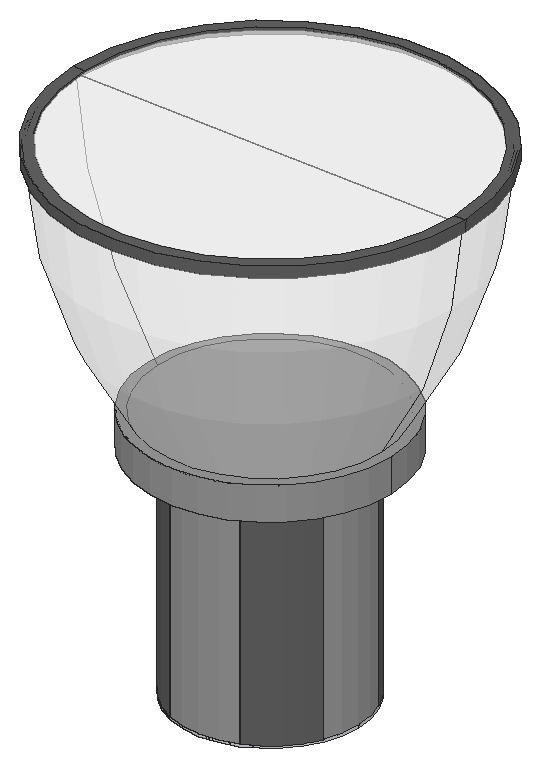
Revit family "SAV", category Lighting Fixtures, host Face, Revit 2021
Family settings
  Host = Face
  Round Connector Dimension = Use Diameter
  Part Type = Normal
  OmniClass Number = 23.80.70.11.11
  OmniClass Title = General Luminaries, Non Directional
  Cut with Voids When Loaded = No
  Light Source = No
  Shared = No
  Room Calculation Point = No
Parameters (values of type "SAV-BL")
  Wattage Comments = "Total input wattage of 73W/95W/153W/177W/219W"  # constant formula
  Wattage = 73 W
  Voltage = 120 V
  URL = "https://www.currentlighting.com/columbia"
  Product Page URL = ""
  Product Documentation Link = ""
  Power Factor = 1
  Photometrics = Web SAV : SAV-LX-27-8-SB16-P95-U-GG
  Model = "Savvano-Decorative LED High Bay"  # constant formula
  Manufacturer = "Columbia Lighting"  # constant formula
  Load Classification = Lighting
  Lens Option [instance] = Lens : P95
  Glass Lens = White Glass
  Lamp = "LED Highbay"  # constant formula
  Is 22 = not(Is 16)  # yes
  Is 16 = no
  Finish = Black
  Description = "The Savvano™ is a decorative highbay available in a wide range of decorator friendly colors."  # constant formula
  Default Elevation = 48.000"
  Apparent Load = Wattage / Power Factor  # 73 VA
Types (8): name | Photometrics | Lens Option | Is 22 | Is 16 | Finish
  SAV-RD | Web SAV : SAV-ML-40-8-WW22-CLR-U-GG | Lens : P95 | yes | no | Red
  SAV-WW | Web SAV : SAV-ML-40-8-WW22-CLR-U-GG | Lens : Drop Lens | no | yes | White
  SAV-GG | Web SAV : SAV-ML-40-8-WW22-CLR-U-GG | Lens : Drop Lens | no | yes | Gray
  SAV-BL | Web SAV : SAV-LX-27-8-SB16-P95-U-GG | Lens : P95 | yes | no | Black
  SAV-BS | Web SAV : SAV-ML-40-8-WW22-CLR-U-GG | Lens : Drop Lens | no | yes | Blue
  SAV-CH | Web SAV : SAV-ML-40-8-WW22-CLR-U-GG | Lens : Drop Lens | no | yes | Champagne
  SAV-SB | Web SAV : SAV-ML-40-8-WW22-CLR-U-GG | Lens : Drop Lens | yes | no | Serenity Blue
  SAV-WN | Web SAV : SAV-ML-40-8-WW22-CLR-U-GG | Lens : P95 | yes | no | Wine
Reference planes (in)
  plane 1 "Center (Front/Back)": y = 0
  plane 2: z = 0
  plane 3 "Center (Left/Right)": x = 0
Dimensions and locks (in)
  aligned and locked: plane 2 to host face
  aligned and locked: level to host face
  aligned and locked: plane 3 "Center (Left/Right)" to nested 1
  aligned and locked: plane 1 "Center (Front/Back)" to nested 1
  aligned and locked: plane 3 "Center (Left/Right)" to nested 3
  aligned and locked: plane 1 "Center (Front/Back)" to nested 3
Nested families (in)
  nested 1: "SAV Fixture" at (0, 0, 0), zz Material 1 <- "Finish", type "SAV"
    with zz Material 1 Black
  nested 2: "Web SAV" at (0.1097, -0.03999, 28.275), type <- "Photometrics", type "SAV-LX-27-8-SB16-P95-U-GG"
  nested 3: "Lens" at (0, 0, 28.275), type <- "Lens Option", Is 16 <- "Is 16", Lens Material <- "Glass Lens", type "P95"
    with zz Height 2 1.700", zz Height 1 2.600", Lens Material White Glass, Is 22 yes, Is 16 no, Diameter 22.000", P95 yes, CDL no
Connectors (in)
  electrical at (0, 0, 0), driven by "Load Classification", driven by "Voltage", driven by "Apparent Load", driven by "Power Factor"
    settings: on nested 1, index 1, voltage 120 V, apparent load 73 VA, apparent load phase1 0 VA, apparent load phase2 0 VA, apparent load phase3 0 VA, power factor 1, load classification "Lighting", number of poles 1, system type 30, power factor state 1, is connector primary yes, connector utility no, sub classification motor no, connector description "Ligthing Connector"
Definition of nested family "SAV Fixture"
  Parameters
    zz Material 3 = none
    zz Length 4 = if(Is 16, 10.750", 13.750")  # 13.750"
    zz Length 3 = if(Is 16, 9.750", 12.750")  # 12.750"
    zz Length 2 = if(Is 16, 21.800", 28.400")  # 28.400"
    URL = ""
    Product Page URL = ""
    Product Documentation Link = ""
    Manufacturer Phone = ""
    Manufacturer Fax = ""
    Manufacturer = ""
    zz Material 2 = none
    Is 22 = not(Is 16)  # yes
    Is 16 = no
    zz Material 1 [instance] = none
    zz Length 1 = if(Is 16, 16.500", 22.600")  # 22.600"
    Default Elevation = 48.000"
  Reference planes (in)
    plane 1 "Center (Front/Back)": y = 0
    plane 2: z = 0
    plane 3 "Center (Left/Right)": x = 0
    plane 4: z = 28.4
    plane 5: x = -11.3
    plane 6: x = 11.3
    plane 7: z = 14.65
    plane 8: z = 12.75
    plane 9: z = 0.125
    plane 10: x = 11.175
    plane 11: z = 28.275
    plane 12: x = 10.675
    plane 13: z = 27.775
  Forms (in)
    Revolve 1, solid, material <- "zz Material 1"
      sketch origin (0, 0, 0) x (1, 0, 0) y (0, 0, 1)
        loop
          line (10.675, 28.4) -> (10.675, 28.275) -> (11.175, 28.275) -> (11.175, 27.775) -> (11.3, 27.775) -> (11.3, 28.4) -> (10.675, 28.4)
        axis (0, 28.4) -> (0, 27.775)
      angle from 0 to 360
    Revolve 2, solid, material <- "zz Material 2"
      sketch origin (0, 0, 0) x (1, 0, 0) y (0, 0, 1)
        loop
          arc (11.04796, 28.275) -> (11.04113, 28.16225) -> (11.03379, 28.04953) r 25.09021
          line (11.03379, 28.04953) -> (0, 28.04953) -> (0, 14.65) -> (6.4438, 14.65)
          arc (6.4438, 14.65) -> (9.80357, 21.11728) -> (11.175, 28.275) r 25.2346
          line (11.175, 28.275) -> (11.04796, 28.275)
        axis (0, 28.275) -> (0, 14.65)
      angle from 0 to 360
    Extrusion 3, solid, material <- "zz Material 3"
      sketch origin (0, 0, 0) x (1, 0, 0) y (0, 1, 0)
        loop
          circle (0, 0) r 7
      from 12.75 to 14.65
    Extrusion 4, solid, material <- "zz Material 3"
      sketch origin (0, 0, 0) x (1, 0, 0) y (0, 1, 0)
        loop
          line (-2, 4.69148) -> (-2, 4.41843)
          arc (-2, 4.41843) -> (0, 4.85) -> (2, 4.41843) r 4.85
          line (2, 4.41843) -> (2, 4.69148)
          arc (2, 4.69148) -> (0, 5.1) -> (-2, 4.69148) r 5.1
        loop
          line (-4.69148, -2) -> (-4.41843, -2)
          arc (-4.41843, -2) -> (-4.85, 0) -> (-4.41843, 2) r 4.85
          line (-4.41843, 2) -> (-4.69148, 2)
          arc (-4.69148, 2) -> (-5.1, 0) -> (-4.69148, -2) r 5.1
        loop
          line (-2, -4.41843) -> (-2, -4.69148)
          arc (-2, -4.69148) -> (0, -5.1) -> (2, -4.69148) r 5.1
          line (2, -4.69148) -> (2, -4.41843)
          arc (2, -4.41843) -> (0, -4.85) -> (-2, -4.41843) r 4.85
        loop
          arc (4.41843, 2) -> (4.85, 0) -> (4.41843, -2) r 4.85
          line (4.41843, -2) -> (4.69148, -2)
          arc (4.69148, -2) -> (5.1, 0) -> (4.69148, 2) r 5.1
          line (4.69148, 2) -> (4.41843, 2)
      from 0.125 to 12.75
    Extrusion 5, solid
      sketch origin (0, 0, 0) x (1, 0, 0) y (0, 1, 0)
        loop
          circle (0, 0) r 5.1
      from 0 to 0.125
    Extrusion 6, solid, material <- "zz Material 1"
      sketch origin (0, 0, 0) x (1, 0, 0) y (0, 1, 0)
        loop
          arc (-2, 4.69148) -> (-3.60624, 3.60624) -> (-4.69148, 2) r 5.1
          line (-4.69148, 2) -> (-4.41843, 2)
          arc (-4.41843, 2) -> (-3.42947, 3.42947) -> (-2, 4.41843) r 4.85
          line (-2, 4.41843) -> (-2, 4.69148)
        loop
          arc (2, 4.41843) -> (3.42947, 3.42947) -> (4.41843, 2) r 4.85
          line (4.41843, 2) -> (4.69148, 2)
          arc (4.69148, 2) -> (3.60624, 3.60624) -> (2, 4.69148) r 5.1
          line (2, 4.69148) -> (2, 4.41843)
        loop
          arc (4.41843, -2) -> (3.42947, -3.42947) -> (2, -4.41843) r 4.85
          line (2, -4.41843) -> (2, -4.69148)
          arc (2, -4.69148) -> (3.60624, -3.60624) -> (4.69148, -2) r 5.1
          line (4.69148, -2) -> (4.41843, -2)
        loop
          arc (-4.69148, -2) -> (-3.60624, -3.60624) -> (-2, -4.69148) r 5.1
          line (-2, -4.69148) -> (-2, -4.41843)
          arc (-2, -4.41843) -> (-3.42947, -3.42947) -> (-4.41843, -2) r 4.85
          line (-4.41843, -2) -> (-4.69148, -2)
      from 0.125 to 12.75
  Dimensions and locks (in)
    plane 4 to level = 28.400"
    plane 7 to level = 14.650"
    locked: plane 6 to plane 10 at 0.125
    locked: plane 4 to plane 11 at 0.125
    locked: plane 6 to plane 12 at 0.625
    locked: plane 4 to plane 13 at 0.625
    "zz Length 3": plane 8 to plane 2
    "zz Length 2": plane 4 to plane 2
    locked: plane 9 to plane 2 at 0.125
    equal spacing: plane 5, plane 3 "Center (Left/Right)", plane 6
    "zz Length 1": plane 5 to plane 6
    "zz Length 4": plane 4 to plane 7
    aligned and locked: plane 2 to level
    aligned and locked: plane 7 to Extrusion 3
    aligned and locked: Extrusion 3 to plane 8
    aligned and locked: plane 8 to Extrusion 4
    aligned and locked: Extrusion 4 to plane 9
    aligned and locked: Extrusion 5 to Extrusion 4
    aligned and locked: plane 8 to Extrusion 6
    aligned and locked: Extrusion 6 to plane 9
    aligned and locked: Revolve 1 sketch curve to plane 4
    aligned and locked: Revolve 1 sketch curve to plane 11
    aligned and locked: plane 13 to Revolve 1 sketch curve
    aligned and locked: Revolve 1 sketch curve to plane 6
    aligned and locked: Revolve 2 sketch curve to Revolve 1
  Automatic sketch dimensions
    Revolve 1 sketch curve to plane 12 = 0.000"
    Revolve 1 sketch curve to plane 10 = 0.000"
    Revolve 1 sketch curve to plane 3 "Center (Left/Right)" = 0.000"
    Revolve 1 sketch curve to level = 24.000"
    plane 4 to Revolve 1 sketch curve = 79.36882"
    plane 1 "Center (Front/Back)" to Extrusion 3 sketch curve = 0.000"
    Extrusion 3 sketch curve to plane 3 "Center (Left/Right)" = 0.000"
    Extrusion 4 sketch curve to Extrusion 4 sketch curve = 0.000"  (x56)
    Extrusion 4 sketch curve to plane 1 "Center (Front/Back)" = 2.000"
    Extrusion 4 sketch curve to plane 3 "Center (Left/Right)" = 4.69148"
    Extrusion 4 sketch curve to plane 3 "Center (Left/Right)" = 2.000"  (x2)
    plane 1 "Center (Front/Back)" to Extrusion 4 sketch curve = 4.69148"
    plane 1 "Center (Front/Back)" to Extrusion 4 sketch curve = 0.000"
    Extrusion 4 sketch curve to plane 3 "Center (Left/Right)" = 0.000"
    plane 1 "Center (Front/Back)" to Extrusion 4 sketch curve = 2.000"  (x2)
    Extrusion 4 sketch curve to Extrusion 4 sketch curve = 0.27305"  (x4)
    plane 3 "Center (Left/Right)" to Extrusion 4 sketch curve = 2.000"  (x2)
    Extrusion 4 sketch curve to Extrusion 4 sketch curve = 2.41843"  (x3)
    plane 1 "Center (Front/Back)" to Extrusion 5 sketch curve = 0.000"
    Extrusion 5 sketch curve to plane 3 "Center (Left/Right)" = 0.000"
    Extrusion 6 sketch curve to Extrusion 6 sketch curve = 0.000"  (x58)
    Extrusion 6 sketch curve to plane 1 "Center (Front/Back)" = 2.000"  (x2)
    Extrusion 6 sketch curve to plane 3 "Center (Left/Right)" = 4.69148"
    plane 3 "Center (Left/Right)" to Extrusion 6 sketch curve = 2.000"  (x2)
    plane 1 "Center (Front/Back)" to Extrusion 6 sketch curve = 4.69148"
    plane 1 "Center (Front/Back)" to Extrusion 6 sketch curve = 0.000"
    Extrusion 6 sketch curve to plane 3 "Center (Left/Right)" = 0.000"
    Extrusion 6 sketch curve to Extrusion 6 sketch curve = 0.27305"  (x4)
    Extrusion 6 sketch curve to plane 3 "Center (Left/Right)" = 2.000"  (x2)
    Extrusion 6 sketch curve to Extrusion 6 sketch curve = 2.41843"  (x2)
    Revolve 2 sketch curve to Revolve 2 sketch curve = 0.03507"
    Revolve 2 sketch curve to Revolve 2 sketch curve = 0.3414"
    Revolve 2 sketch curve to plane 3 "Center (Left/Right)" = 0.000"  (x2)
    Revolve 2 sketch curve to plane 7 = 0.000"
    Revolve 2 sketch curve to plane 6 = 0.25204"
    Revolve 2 sketch curve to plane 6 = 0.125"
    plane 4 to Revolve 2 sketch curve = 0.99499"
    Revolve 2 sketch curve to plane 6 = 0.26621"
    Revolve 2 sketch curve to level = 24.000"
    Revolve 2 sketch curve to plane 4 = 0.35047"
    plane 4 to Revolve 2 sketch curve = 79.36882"
    radius of Extrusion 3 sketch curve = 7.000"
    radius of Extrusion 5 sketch curve = 5.100"
Definition of nested family "Lens"
  Parameters
    zz Height 2 [instance] = if(Is 16, 1.300", 1.700")  # 1.300"
    P95 = no
    Lens Material [instance] = none
    Is 22 [instance] = not(Is 16)  # no
    Is 16 [instance] = yes
    zz Height 1 [instance] = if(Is 16, 3.200", 2.600")  # 3.200"
    Diameter [instance] = if(Is 16, 16.000", 22.000")  # 16.000"
    Default Elevation = 48.000"
    DLR = no
    CDL = yes
  Reference planes (in)
    plane 1 "Center (Front/Back)": y = 0
    plane 2: z = 0
    plane 3 "Center (Left/Right)": x = 0
    plane 4: x = 8
    plane 5: x = 8
    plane 6: x = -8
    plane 7: z = 3.2
    plane 8: z = 1.3
    plane 9: z = -0.125
  Forms (in)
    Extrusion 1, solid
      sketch origin (0, 0, 0) x (1, 0, 0) y (0, 1, 0)
        loop
          line (-48, 48) -> (-48, -48) -> (48, -48) -> (48, 48) -> (-48, 48)
      from 0 to -12
    Revolve 2, solid, material <- "Lens Material", visible <- "DLR"
      sketch origin (0, 0, 0) x (1, 0, 0) y (0, 0, 1)
        loop
          line (5.4, 3.2) -> (0, 3.2) -> (0, 3.07) -> (5.34615, 3.07) -> (7.81615, 0) -> (8, 0) -> (5.4, 3.2)
        axis (0, 3.2) -> (0, 0)
      angle from 0 to 360
    Revolve 3, solid, material <- "Lens Material", visible <- "CDL"
      sketch origin (0, 0, 0) x (1, 0, 0) y (0, 0, 1)
        loop
          line (0, 1.3) -> (0, 1.16854) -> (7.12616, 0) -> (8, 0) -> (0, 1.3)
        axis (0, 1.3) -> (0, 0)
      angle from 0 to 360
    Extrusion 4, solid, material <- "Lens Material", visible <- "P95"
      sketch origin (0, 0, 0) x (1, 0, 0) y (0, 1, 0)
        loop
          circle (0, 0) r 8
      from 0 to -0.125
  Dimensions and locks (in)
    equal spacing: plane 6, plane 3 "Center (Left/Right)", plane 5
    "Diameter": plane 6 to plane 5
    "zz Height 1": plane 7 to level
    "zz Height 2": plane 8 to plane 2
    locked: plane 2 to plane 9 at 0.125
    "Diameter": diameter of Extrusion 4 sketch curve
    aligned and locked: plane 2 to Extrusion 1
    aligned and locked: level to Extrusion 1
    aligned and locked: Revolve 2 sketch curve to plane 7
    aligned and locked: plane 5 to plane 4
    aligned and locked: plane 2 to Revolve 3 sketch curve
    aligned and locked: Revolve 3 sketch curve to plane 3 "Center (Left/Right)"  (x2)
    aligned and locked: Extrusion 4 to plane 9
  Automatic sketch dimensions
    Extrusion 1 sketch curve to Extrusion 1 sketch curve = 96.000"  (x2)
    Revolve 2 sketch curve to plane 3 "Center (Left/Right)" = 0.000"  (x2)
    Revolve 2 sketch curve to level = 0.000"
    Revolve 2 sketch curve to plane 4 = 0.000"
    Revolve 2 sketch curve to plane 4 = 0.18385"
    Revolve 2 sketch curve to level = 7.000"
    Revolve 2 sketch curve to Revolve 2 sketch curve = 15.150"
    Revolve 2 sketch curve to plane 4 = 2.65385"
    Revolve 2 sketch curve to Revolve 2 sketch curve = 0.05385"
    Revolve 2 sketch curve to plane 7 = 0.130"
    Revolve 3 sketch curve to plane 5 = 0.000"
    Revolve 3 sketch curve to plane 8 = 0.000"
    Revolve 3 sketch curve to plane 5 = 0.87384"
    Revolve 3 sketch curve to plane 8 = 0.13146"
    Revolve 3 sketch curve to level = 2.000"
    plane 7 to Revolve 3 sketch curve = 2.900"
    plane 1 "Center (Front/Back)" to Extrusion 4 sketch curve = 0.000"
    Extrusion 4 sketch curve to plane 3 "Center (Left/Right)" = 0.000"
Definition of nested family "Web SAV"
  Parameters
    Wattage Comments = ""
    Wattage = 177 W
    built-in parameter 1150110 = 1 (stored number, unit not read)
    URL = ""
    built-in parameter 1114217 = 1 (stored number, unit not read)
    Tilt Angle = 90.00°  # constant formula
    built-in parameter 1150109 = 1 (stored number, unit not read)
    built-in parameter 1150134 = (empty or 0)
    built-in parameter 1150113 = 1 (stored number, unit not read)
    Product Page URL = ""
    Product Documentation Link = ""
    Photometric Web Link = "http://www.hubbellindustrial.com/products/savvano"
    Photometric Web File = "SAV-MM-30-8-WW22-DLR-U-GG.ies"
    Photometric Notes = "More IES files download Photometric Web Link"  # constant formula
    Output = "Highbay Med Output"
    Model = ""
    Manufacturer Phone = ""
    Manufacturer Fax = ""
    Manufacturer = ""
    built-in parameter 1150105 = -200941880.2 (stored number, unit not read)
    Lumens = 21999.3 lm
    built-in parameter 1150115 = 1 (stored number, unit not read)
    built-in parameter 1150137 = (empty or 0)
    built-in parameter 1150139 = (empty or 0)
    built-in parameter 1150112 = 1 (stored number, unit not read)
    built-in parameter 1150114 = 1 (stored number, unit not read)
    Lamp = ""
    built-in parameter 1150132 = (empty or 0)
    built-in parameter 1150102 = (empty or 0)
    built-in parameter 1150107 = 3000 (stored number, unit not read)
    built-in parameter 1150138 = (empty or 0)
    built-in parameter 1150106 = -2009418.8 (stored number, unit not read)
    Emit from Circle Diameter = 16.000"  # constant formula
    Emit Shape Visible in Rendering = no
    built-in parameter 1150104 = 11.547 (stored number, unit not read)
    Dimming Lamp Color Temperature Shift = (empty or 0)
    Description = ""
    Default Elevation = 48.000"
    Color Filter = 16777215
    CRI = "80 CRI"
    built-in parameter 1114218 = 1 (stored number, unit not read)
    built-in parameter 1150133 = 10 (stored number, unit not read)
  Reference planes (in)
    plane 1 "Center (Front/Back)": y = 0.03999
    plane 2: z = 0
    plane 3 "Center (Left/Right)": x = -0.23896
  Forms (in)
    Extrusion 1, solid
      sketch origin (0, 0, 0.06357) x (1, 0, 0) y (0, 1, 0)
        loop
          line (-48, 48) -> (-48, -48) -> (48, -48) -> (48, 48) -> (-48, 48)
      from -0.06357 to -17.74365
  Lines and regions (in)
    reference lines
      curve 1: line (-0.23896, 0.03999, 18.11448) -> (-0.23896, 0.03999, -22.88552)
      curve 2: line (-0.23896, 0.03999, 34) -> (-0.23896, 0.03999, -22.88552)
  Dimensions and locks (in)
    aligned and locked: plane 2 to Extrusion 1
    aligned and locked: level to Extrusion 1
    aligned and locked: curve 1 to plane 3 "Center (Left/Right)"
    aligned and locked: plane 1 "Center (Front/Back)" to curve 2
